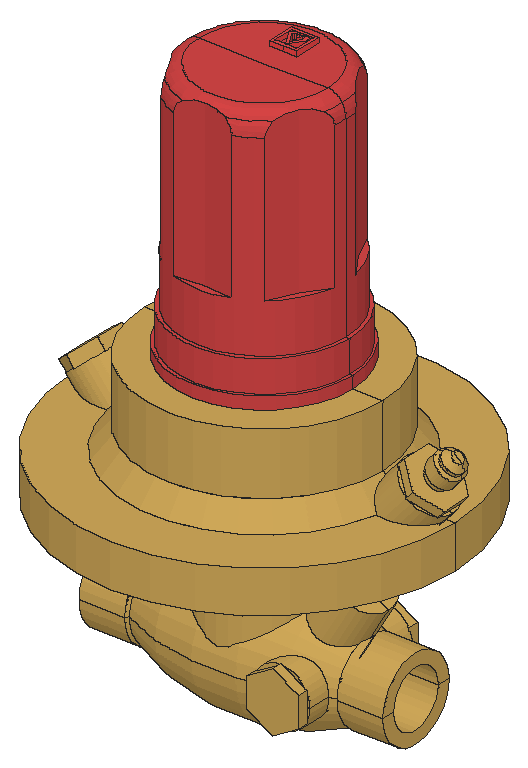
Revit family "Differential Pressure Control Valve 4007 FIX WE 23kPa", category Rohrzubehör, Revit 2018 (continued)
Definition of nested family "Handrad für Diff.Druckregler 4007"
  Definition of nested family "Herz-Logo"
    Forms (mm)
      Extrusion 1, solid
        sketch origin (0, 0, 0) x (1, 0, 0) y (0, 1, 0)
          loop
            arc (-1.921, 2.079) -> (-2.04, 1.675) -> (-1.921, 1.272) r 0.74
            line (-1.921, 1.272) -> (-0.018, -1.658) -> (1.885, 1.272)
        from 0 to 1.5
    Dimensions and locks
      aligned and locked: level to plane 2
Definition of nested family "Herz-Logo-vorne"
  Reference planes
    plane 1 "Mitte (Vorne/hinten)": y = 0
    plane 2: z = 0
    plane 3 "Mitte (Links/rechts)": x = 0
  Forms (mm)
    Extrusion 1, solid
      sketch origin (0.732, -0.018, 0.017) x (0, -1, 0) y (0, 0, 1)
        loop
          line (-0.018, -4.517) -> (4.482, -4.517) -> (4.482, 4.483) -> (-4.518, 4.483) -> (-4.518, -4.517) -> (-0.018, -4.517)
        loop
          line (-0.05, -3.48) -> (3.482, -3.48) -> (3.482, 3.483) -> (-3.518, 3.483) -> (-3.518, -3.48) -> (-0.05, -3.48)
        loop
          arc (-0.018, 2.383) -> (-1.543, 3.287) -> (-3.067, 2.383) r 1.738
          arc (-3.067, 2.383) -> (-3.191, 1.899) -> (-3.067, 1.415) r 1.009
          line (-3.067, 1.415) -> (-0.018, -3.281) -> (3.032, 1.415)
          arc (3.032, 1.415) -> (3.156, 1.899) -> (3.032, 2.383) r 1.009
          arc (3.032, 2.383) -> (1.507, 3.287) -> (-0.018, 2.383) r 1.738
        loop
          arc (1.885, 1.272) -> (2.005, 1.675) -> (1.885, 2.079) r 0.74
          arc (1.885, 2.079) -> (1.265, 2.416) -> (0.644, 2.079) r 0.74
          line (0.644, 2.079) -> (-0.018, 0.97) -> (-0.679, 2.079)
          arc (-0.679, 2.079) -> (-1.3, 2.416) -> (-1.921, 2.079) r 0.74
          arc (-1.921, 2.079) -> (-2.04, 1.675) -> (-1.921, 1.272) r 0.74
          line (-1.921, 1.272) -> (-0.018, -1.658) -> (1.885, 1.272)
      from 0 to 1.5
  Dimensions and locks
    aligned and locked: level to plane 2
